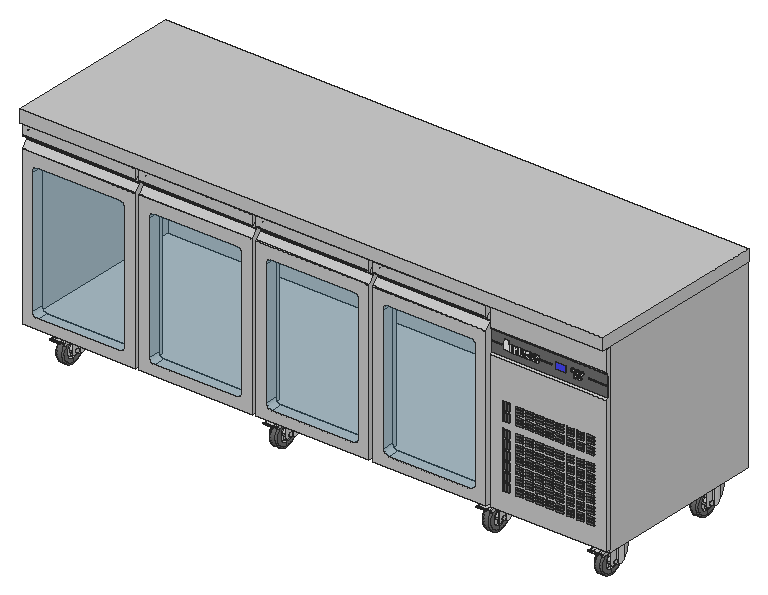
Revit family "QF_INOMAK_PNRP9999_GL_250515024600", category Specialty Equipment, Revit 2021
Family settings
  Round Connector Dimension = Use Diameter
  Part Type = Normal
  OmniClass Number = 23.40.40.14
  OmniClass Title = Food Service Equipment
  Work Plane-Based = No
  Always vertical = Yes
  Cut with Voids When Loaded = No
  Shared = No
  Room Calculation Point = No
Parameters (values of type "PNRP9999-GL")
  Weight [instance] = 179.001 kg
  Waste Water Discharge Temperature [instance] = 0 °C
  Waste Remarks [instance] = ""
  Warranty Start Date [instance] = ""
  Warranty Duration [instance] = ""
  Volts [instance] = 230 V
  Volt Free Conn [instance] = no
  URL Recommended Spares List [instance] = ""
  URL Manufacturer [instance] = ""
  URL Cutsheet [instance] = ""
  URL Critical Spares List [instance] = ""
  URL = "www.inomak.com"
  Technical Documentation [instance] = ""
  Tag Number [instance] = ""
  Status [instance] = ""
  Start Up Current [instance] = 0 A
  Specification by User [instance] = ""
  Specification by Manufacturer [instance] = ""
  Sound Level [instance] = ""
  Show Logo [instance] = yes
  Show Clearances [instance] = yes
  Service Life Duration [instance] = ""
  Serial Number [instance] = ""
  Seismic Rating [instance] = ""
  SMACNA No [instance] = ""
  Revision Code [instance] = ""
  Revision [instance] = ""
  Production Year [instance] = ""
  Potential Equalisation [instance] = no
  Point Load [instance] = 0
  Plumbing Connection Type [instance] = ""
  Phase [instance] = 1
  Other Equipment Approvals [instance] = ""
  Operational Current [instance] = 0 A
  Number of Poles [instance] = 2
  No Load Power Draw [instance] = no
  NAFEM Spec ID Number [instance] = ""
  Model Warning [instance] = ""
  Model = "PNRP9999/GL"
  Min Ckt Ampacity [instance] = 0 A
  Max Overcurrent Protection [instance] = 10 A
  Masterspec [instance] = ""
  Manufacturer = "INOMAK"
  Main switch integrated [instance] = no
  Length Actual [instance] = 2242.058 mm
  Item Number [instance] = ""
  Installed By [instance] = ""
  Installation Date [instance] = ""
  Indirect Waste Size [instance] = 25.4 mm
  Indirect Waste Remarks [instance] = ""
  Indirect Waste Flow [instance] = 0.0 L/s
  Indirect Waste Connection Type [instance] = ""
  Indirect Waste Connection Height [instance] = 0 mm
  Identify Quantity as Lot [instance] = no
  ID [instance] = ""
  Hygiene Approval [instance] = ""
  Height Actual [instance] = 899.922 mm
  HP power [instance] = ""
  Furnished By [instance] = ""
  Foodservice Equipment Identifier [instance] = no
  FL Amps [instance] = 3.9 A
  Electrical Remarks [instance] = ""
  Electric power [instance] = 480 W
  Electric Connection Type [instance] = ""
  Elec Conn RI Height [instance] = 0 mm
  Elec Conn Connection Height [instance] = 0 mm
  ETL Approved [instance] = no
  Direct Waste Water Discharge Temperature [instance] = -273.15 °C
  Direct Waste Size [instance] = 25.4 mm
  Direct Waste RI Height [instance] = 0 mm
  Direct Waste Flow [instance] = 0.0 L/s
  Direct Waste Connection Height [instance] = 0 mm
  Description = "PRUNUS CHILLER COUNTER WITH 4 GN 1/1 GLASS DOORS"
  Depth Actual [instance] = 700.024 mm
  Default Elevation = 0 mm
  Cycle [instance] = 50 Hz
  Cost = 0
  Connection to energy optimisation system [instance] = yes
  Conn Plug [instance] = ""
  Conn Conduit [instance] = no
  Centralized building control system with digital interface [instance] = ""
  CSI MasterFormat [instance] = ""
  CE Approved [instance] = no
  Barcode [instance] = 0
  Author [instance] = ""
  Asset Identifier [instance] = ""
  Apparent Power [instance] = 480 VA
  Accessory [instance] = no
Reference planes
  plane 1 "Center (Front/Back)": y = 0
  plane 2: z = 0
  plane 3 "Center (Left/Right)": x = 0
Forms (mm)
  Extrusion 1, solid, not visible
    sketch origin (2035.099, -260.013, 132.006) x (1, 0, 0) y (0, 1, 0)
      loop
        line (-2, 2) -> (-2, -2) -> (2, -2) -> (2, 2) -> (-2, 2)
    from -2 to 2
  Extrusion 2, solid, not visible
    sketch origin (1830.089, -115.006, 132.006) x (1, 0, 0) y (0, 1, 0)
      loop
        line (-2, 2) -> (-2, -2) -> (2, -2) -> (2, 2) -> (-2, 2)
    from -2 to 2
Dimensions and locks
  locked: nested 2 to Extrusion 1 at 2  (x2)
  locked: nested 3 to Extrusion 2 at 2  (x2)
  aligned and locked: level to plane 2
Nested families
  nested 1: "QF_INOMAK_PNRP9999-GL_2920" at (0, 0, 130), type "PNRP9999-GL"
    with Weight 179.001 kg, Warranty Start Date "", Warranty Duration "", URL Cutsheet "", Technical Documentation "", Tag Number "", Status "", Specification by User "", Specification by Manufacturer "", Sound Level "", Solid Fuel Type "", Show Clearances yes, Show Clearance yes, Service Life Duration "", Serial Number "", Seismic Rating "", SMACNA No "", Revision Code "", Revision "", Production Year "", Point Load 0, Other Equipment Approvals "", NAFEM Spec ID Number "", Model Warning "", Masterspec "", Length Actual 2242.058 mm, Item Number "", Installed By "", Installation Date "", Identify Quantity as Lot yes, ID "", Hygiene Approval "", Height Actual 899.922 mm, Furnished By "", Foodservice Equipment Identifier yes, Finish none, ETL Approved yes, Depth Actual 700.024 mm, CSI MasterFormat "", CE Approved yes, Barcode "", Author "", Asset Identifier "", Accessory no
  nested 2: "CONN_POINT_DRAIN_2D___Generic_Annotation" at (2035.099, -260.013, 130.006), type "CONN_POINT_DRAIN_2D___Generic_Annotation"
    with Onboard connection annotation symbol visibility yes
  nested 3: "CONN_POINT_ELE_2D___Generic_Annotation" at (1830.089, -115.006, 130.006), type "CONN_POINT_ELE_2D___Generic_Annotation"
    with Onboard connection annotation symbol visibility yes
  nested 4: "QF_INOMAK_REF_COUNTERS_CASTORS_7278" at (0, 0, 0), type "CT-2240-700"
    with Weight 0.00 kg, Warranty Start Date "", Warranty Duration "", URL Cutsheet "", Technical Documentation "", Tag Number "", Status "", Specification by User "", Specification by Manufacturer "", Sound Level "", Solid Fuel Type "", Show Logo yes, Show Clearances yes, Service Life Duration "", Serial Number "", Seismic Rating "", SMACNA No "", Revision Code "", Revision "", Production Year "", Point Load 0, Other Equipment Approvals "", NAFEM Spec ID Number "", Model Warning "", Masterspec "", Length Actual 2242.058 mm, Item Number "", Installed By "", Installation Date "", Identify Quantity as Lot yes, ID "", Hygiene Approval "", Height Actual 130.048 mm, Furnished By "", Foodservice Equipment Identifier yes, ETL Approved yes, Depth Actual 700.024 mm, CSI MasterFormat "", CE Approved yes, Barcode "", Author "", Asset Identifier "", Accessory yes
  nested 5: "QF_INOMAK_REF_COUNTERS_WORKTOPS_14663" at (0, 0, 840), type "WTWT-2240-700"
    with Worktop without backsplash yes, Worktop with backsplash no, Worktop type 3, Worktop thickness 46 mm, Without worktop no, Weight 0.00 kg, Warranty Start Date "", Warranty Duration "", URL Cutsheet "", Technical Documentation "", Tag Number "", Status "", Specification by User "", Specification by Manufacturer "", Sound Level "", Solid Fuel Type "", Show Logo yes, Show Clearances yes, Service Life Duration "", Serial Number "", Seismic Rating "", SMACNA No "", Revision Code "", Revision "", Production Year "", Point Load 0, Other Equipment Approvals "", NAFEM Spec ID Number "", Model Warning "", Masterspec "", Length Actual 2242.058 mm, Item Number "", Installed By "", Installation Date "", Identify Quantity as Lot yes, ID "", Hygiene Approval "", Height Actual 45.974 mm, Height AFF 0 mm, Furnished By "", Foodservice Equipment Identifier yes, Finish none, ETL Approved yes, Depth Actual 700.024 mm, CSI MasterFormat "", CE Approved yes, Barcode "", Backsplash thickness 20 mm, Backsplash height 60 mm, Author "", Asset Identifier "", Accessory yes
Connectors
  piping at (2035.099, -260.013, 130.006), diameter 25.4, driven by "Indirect Waste Size", driven by "Direct Waste Flow"
    settings: on Extrusion 1, index 1, connector inside diameter 609.6 mm, connector length 0 mm, flow factor 0, pipe flow 0.0 L/s, pressure drop 0.0 Pa, fitting loss kfactor 0, connector angle 0.00°, fixture units 0, engagement length 0 mm, angle of deflection 0.00°, flow configuration 1, flow direction 2, fitting loss method 0, system type 16, joint type 0, gender type 0, connector reference index -1, connector utility 0, adjustable connector no, is connector primary yes, connector description "Waste connection for PNRP9999/GL"
  electrical at (1830.089, -115.006, 130.006), driven by "Apparent Power", driven by "Number of Poles", driven by "Volts"
    settings: on Extrusion 2, index 2, voltage 230 V, apparent load 0 VA, apparent load phase1 480 VA, apparent load phase2 0 VA, apparent load phase3 0 VA, power factor 1, load classification "Other", number of poles 2, system type 31, power factor state 1, is connector primary yes, connector utility no, sub classification motor no, connector description "Electrical connection for PNRP9999/GL"
Definition of nested family "QF_INOMAK_PNRP9999-GL_2920"
  Parameters (values of type "PNRP9999-GL")
    Weight [instance] = 0.00 kg
    Warranty Start Date [instance] = ""
    Warranty Duration [instance] = ""
    URL Cutsheet [instance] = ""
    URL = "www.inomak.com"
    Technical Documentation [instance] = ""
    Tag Number [instance] = ""
    Status [instance] = ""
    Specification by User [instance] = ""
    Specification by Manufacturer [instance] = ""
    Sound Level [instance] = ""
    Solid Fuel Type [instance] = ""
    Show Logo = yes
    Show Clearances [instance] = yes
    Show Clearance [instance] = yes
    Service Life Duration [instance] = ""
    Serial Number [instance] = ""
    Seismic Rating [instance] = ""
    SMACNA No [instance] = ""
    Revision Code [instance] = ""
    Revision [instance] = ""
    Production Year [instance] = ""
    Point Load [instance] = 0
    Other Equipment Approvals [instance] = ""
    NAFEM Spec ID Number [instance] = ""
    Model Warning [instance] = ""
    Model = "PNRP9999/GL"
    Masterspec [instance] = ""
    Manufacturer = "INOMAK"
    Length Actual [instance] = 0 mm
    Item Number [instance] = ""
    Installed By [instance] = ""
    Installation Date [instance] = ""
    Identify Quantity as Lot [instance] = yes
    ID [instance] = ""
    Hygiene Approval [instance] = ""
    Height Actual [instance] = 0 mm
    Furnished By [instance] = ""
    Foodservice Equipment Identifier [instance] = yes
    Finish [instance] = none
    ETL Approved [instance] = yes
    Description = "PRUNUS CHILLER COUNTER WITH 4 GN 1/1 GLASS DOORS"
    Depth Actual [instance] = 0 mm
    Default Elevation = 0 mm
    CSI MasterFormat [instance] = ""
    CE Approved [instance] = yes
    Barcode [instance] = ""
    Author [instance] = ""
    Asset Identifier [instance] = ""
    Assembly Code = "E1090320"
    Accessory [instance] = yes
  Reference planes
    plane 1 "Back": y = 0
    plane 2: z = 0
    plane 3 "Left": x = 0
    plane 4 "Right": x = 2242
    plane 5 "Front": y = -700
    plane 6 "Top": z = 710
  Forms (mm)
    Extrusion 1, solid, material <- "Finish"
      sketch origin (0, 0, 0) x (1, 0, 0) y (0, 1, 0)
        loop
          line (0, -648) -> (30, -648) -> (30, -30) -> (1765, -30) -> (1765, -648) -> (1797, -648) -> (1797, -665) -> (2242, -665) -> (2242, 0) -> (0, 0) -> (0, -648)
      from 0 to 710
    Extrusion 2, solid, material <- "Finish"
      sketch origin (0, 0, 0) x (1, 0, 0) y (0, 1, 0)
        loop
          line (30, -30) -> (30, -648) -> (1765, -648) -> (1765, -30) -> (30, -30)
      from 0 to 45
    Extrusion 3, solid, material <- "Finish"
      sketch origin (0, 0, 710) x (0, 1, 0) y (-1, 0, 0)
        loop
          line (-30, -30) -> (-648, -30) -> (-648, -1765) -> (-30, -1765) -> (-30, -30)
      from 0 to -30
    Extrusion 4, solid, material <- "Finish"
      sketch origin (2242, 0, 0) x (0, -1, 0) y (0, 0, 1)
        loop
          line (683.05, 705) -> (665, 705) -> (665, 10) -> (683.05, 10) -> (683.05, 532.058) -> (676.05, 539.058) -> (676.05, 618.864) -> (683.05, 625.864) -> (683.05, 705)
      from 0 to 445
    Extrusion 5, solid
      sketch origin (897, -700, 0) x (-1, 0, 0) y (0, 0, 1)
        loop
          circle (-1211.654, 586.73) r 6.965
        loop
          circle (-1228.685, 586.73) r 6.965
        loop
          circle (-1245.694, 586.73) r 6.965
        loop
          circle (-1220.18, 568.729) r 6.965
        loop
          circle (-1237.189, 568.729) r 6.965
        loop
          circle (-1211.654, 586.73) r 3.965
        loop
          circle (-1228.685, 586.73) r 3.965
        loop
          circle (-1245.694, 586.73) r 3.965
        loop
          circle (-1220.18, 568.729) r 3.965
        loop
          circle (-1237.189, 568.729) r 3.965
      from 23 to 25.5
    Extrusion 6, solid
      sketch origin (897, -700, 0) x (-1, 0, 0) y (0, 0, 1)
        loop
          line (-1183.865, 590.461) -> (-1183.865, 567.461) -> (-1143.865, 567.461) -> (-1143.865, 590.461) -> (-1183.865, 590.461)
      from 23 to 25.5
    Extrusion 7, solid
      sketch origin (897, -700, 0) x (-1, 0, 0) y (0, 0, 1)
        loop
          line (-900, 618.864) -> (-1345, 618.864) -> (-1345, 539.058) -> (-900, 539.058) -> (-900, 618.864)
      from 23.5 to 25.5
    Extrusion 8, solid, visible <- "Show Logo"
      sketch origin (897, -700, 0) x (-1, 0, 0) y (0, 0, 1)
        loop
          line (-944.061, 591.01) -> (-950.061, 591.01) -> (-950.061, 602.118) -> (-964.298, 602.118) -> (-964.298, 591.01) -> (-970.298, 591.01) -> (-970.298, 564.76) -> (-944.061, 564.76) -> (-944.061, 591.01)
        loop
          line (-974.613, 590.698) -> (-981.903, 590.698) -> (-981.903, 564.76) -> (-974.613, 564.76) -> (-974.613, 590.698)
        loop
          line (-984.422, 564.76) -> (-984.422, 590.698) -> (-991.256, 590.698) -> (-994.449, 578.78) -> (-994.449, 590.698) -> (-1000.982, 590.698) -> (-1000.982, 564.76) -> (-994.449, 564.76) -> (-990.735, 578.623) -> (-990.735, 564.76) -> (-984.422, 564.76)
        loop
          line (-1021.664, 564.76) -> (-1021.664, 590.698) -> (-1030.626, 590.698) -> (-1032.988, 576.688) -> (-1035.35, 590.698) -> (-1044.312, 590.698) -> (-1044.312, 564.76) -> (-1037.687, 564.76) -> (-1037.687, 578.623) -> (-1035.35, 564.76) -> (-1030.626, 564.76) -> (-1028.289, 578.623) -> (-1028.289, 564.76) -> (-1021.664, 564.76)
        loop
          line (-1006.851, 590.698) -> (-1016.176, 590.698)
          arc (-1016.176, 590.698) -> (-1018.773, 589.622) -> (-1019.849, 587.026) r 3.672
          line (-1019.849, 587.026) -> (-1019.849, 568.433)
          arc (-1019.849, 568.433) -> (-1018.773, 565.836) -> (-1016.176, 564.76) r 3.672
          line (-1016.176, 564.76) -> (-1006.851, 564.76)
          arc (-1006.851, 564.76) -> (-1004.255, 565.836) -> (-1003.179, 568.433) r 3.672
          line (-1003.179, 568.433) -> (-1003.179, 587.026)
          arc (-1003.179, 587.026) -> (-1004.255, 589.622) -> (-1006.851, 590.698) r 3.672
        loop
          arc (-1010.487, 587.542) -> (-1011.514, 588.569) -> (-1012.541, 587.542) r 1.027
          line (-1012.541, 587.542) -> (-1012.541, 568.949)
          arc (-1012.541, 568.949) -> (-1011.514, 567.922) -> (-1010.487, 568.949) r 1.027
          line (-1010.487, 568.949) -> (-1010.487, 587.542)
        loop
          line (-1045.382, 564.76) -> (-1049.755, 590.698) -> (-1058.615, 590.698) -> (-1062.988, 564.76) -> (-1056.461, 564.76) -> (-1055.852, 569.723) -> (-1052.518, 569.723) -> (-1051.909, 564.76) -> (-1045.382, 564.76)
        loop
          line (-1053.074, 574.252) -> (-1054.185, 583.299) -> (-1055.296, 574.252) -> (-1053.074, 574.252)
        loop
          line (-1063.954, 564.76) -> (-1063.954, 590.698) -> (-1070.579, 590.698) -> (-1070.579, 581.585) -> (-1073.365, 590.698) -> (-1080.803, 590.698) -> (-1076.474, 579.422) -> (-1081.522, 564.76) -> (-1073.939, 564.76) -> (-1070.579, 577.3) -> (-1070.579, 564.76) -> (-1063.954, 564.76)
      from 23 to 25.5
    Extrusion 9, solid
      sketch origin (897, -700, 0) x (-1, 0, 0) y (0, 0, 1)
        loop
          line (-900, 580.961) -> (-936.995, 580.961) -> (-936.995, 576.961) -> (-900, 576.961) -> (-900, 580.961)
        loop
          line (-1085, 580.961) -> (-1129.365, 580.961) -> (-1129.365, 576.961) -> (-1085, 576.961) -> (-1085, 580.961)
        loop
          line (-1345, 580.961) -> (-1345, 576.961) -> (-1271.755, 576.961) -> (-1271.755, 580.961) -> (-1345, 580.961)
      from 23 to 25.5
    Extrusion 10, solid, material <- "Finish"
      sketch origin (0, 0, -150) x (0, -1, 0) y (0, 0, 1)
        loop
          line (690, 759.847) -> (690, 764.365)
          arc (690, 764.365) -> (689.866, 765.037) -> (689.485, 765.607) r 1.757
          line (689.485, 765.607) -> (666.663, 788.429)
          arc (666.663, 788.429) -> (665.976, 789.458) -> (665.734, 790.672) r 3.172
          line (665.734, 790.672) -> (665.734, 817.576)
          arc (665.734, 817.576) -> (666.433, 819.262) -> (668.119, 819.961) r 2.385
          line (668.119, 819.961) -> (680.029, 819.961) -> (686.544, 810.657)
          arc (686.544, 810.657) -> (688.671, 809.935) -> (690, 811.747) r 1.9
          line (690, 811.747) -> (690, 850) -> (648, 850) -> (648, 759.847) -> (690, 759.847)
      from 0 to -435
    Extrusion 11, solid, detail levels coarse
      sketch origin (0, -700, 10) x (-1, 0, 0) y (0, 1, 0)
        loop
          arc (-435, 10) -> (-307.591, -297.591) -> (0, -425) r 435
          line (0, -425) -> (0, 10) -> (-435, 10)
      from 0 to -690
    Extrusion 12, solid, material <- "Finish"
      sketch origin (0, -700, 0) x (-1, 0, 0) y (0, 0, 1)
        loop
          line (0, 609.847) -> (-435, 609.847) -> (-435, 10) -> (0, 10) -> (0, 609.847)
        loop
          line (-40, 70) -> (-40, 549.847)
          arc (-40, 549.847) -> (-45.858, 563.989) -> (-60, 569.847) r 20
          line (-60, 569.847) -> (-375, 569.847)
          arc (-375, 569.847) -> (-389.142, 563.989) -> (-395, 549.847) r 20
          line (-395, 549.847) -> (-395, 70)
          arc (-395, 70) -> (-389.142, 55.858) -> (-375, 50) r 20
          line (-375, 50) -> (-60, 50)
          arc (-60, 50) -> (-45.858, 55.858) -> (-40, 70) r 20
      from 10 to 52
    Extrusion 13, solid
      sketch origin (0, -700, 0) x (-1, 0, 0) y (0, 0, 1)
        loop
          line (-60, 569.847) -> (-375, 569.847)
          arc (-375, 569.847) -> (-389.142, 563.989) -> (-395, 549.847) r 20
          line (-395, 549.847) -> (-395, 70)
          arc (-395, 70) -> (-389.142, 55.858) -> (-375, 50) r 20
          line (-375, 50) -> (-60, 50)
          arc (-60, 50) -> (-45.858, 55.858) -> (-40, 70) r 20
          line (-40, 70) -> (-40, 549.847)
          arc (-40, 549.847) -> (-45.858, 563.989) -> (-60, 569.847) r 20
      from 10 to 52
    Extrusion 14, solid, material <- "Finish"
      sketch origin (885, 0, -150) x (0, -1, 0) y (0, 0, -1)
        loop
          line (690, -759.847) -> (648, -759.847) -> (648, -850) -> (690, -850) -> (690, -811.747)
          arc (690, -811.747) -> (688.671, -809.935) -> (686.544, -810.657) r 1.9
          line (686.544, -810.657) -> (680.029, -819.961) -> (668.119, -819.961)
          arc (668.119, -819.961) -> (666.433, -819.262) -> (665.734, -817.576) r 2.385
          line (665.734, -817.576) -> (665.734, -790.672)
          arc (665.734, -790.672) -> (665.976, -789.458) -> (666.663, -788.429) r 3.172
          line (666.663, -788.429) -> (689.485, -765.607)
          arc (689.485, -765.607) -> (689.866, -765.037) -> (690, -764.365) r 1.757
          line (690, -764.365) -> (690, -759.847)
      from 0 to -435
    Extrusion 15, solid, detail levels coarse
      sketch origin (885, -700, 10) x (-1, 0, 0) y (0, 1, 0)
        loop
          line (435, 10) -> (0, 10) -> (0, -425)
          arc (0, -425) -> (307.591, -297.591) -> (435, 10) r 435
      from 0 to -690
    Extrusion 16, solid, material <- "Finish"
      sketch origin (885, -700, 0) x (1, 0, 0) y (0, 0, -1)
        loop
          line (0, -609.847) -> (0, -10) -> (-435, -10) -> (-435, -609.847) -> (0, -609.847)
        loop
          arc (-40, -70) -> (-45.858, -55.858) -> (-60, -50) r 20
          line (-60, -50) -> (-375, -50)
          arc (-375, -50) -> (-389.142, -55.858) -> (-395, -70) r 20
          line (-395, -70) -> (-395, -549.847)
          arc (-395, -549.847) -> (-389.142, -563.989) -> (-375, -569.847) r 20
          line (-375, -569.847) -> (-60, -569.847)
          arc (-60, -569.847) -> (-45.858, -563.989) -> (-40, -549.847) r 20
          line (-40, -549.847) -> (-40, -70)
      from 10 to 52
    Extrusion 17, solid
      sketch origin (885, -700, 0) x (1, 0, 0) y (0, 0, -1)
        loop
          arc (-60, -569.847) -> (-45.858, -563.989) -> (-40, -549.847) r 20
          line (-40, -549.847) -> (-40, -70)
          arc (-40, -70) -> (-45.858, -55.858) -> (-60, -50) r 20
          line (-60, -50) -> (-375, -50)
          arc (-375, -50) -> (-389.142, -55.858) -> (-395, -70) r 20
          line (-395, -70) -> (-395, -549.847)
          arc (-395, -549.847) -> (-389.142, -563.989) -> (-375, -569.847) r 20
          line (-375, -569.847) -> (-60, -569.847)
      from 10 to 52
    Extrusion 18, solid, material <- "Finish"
      sketch origin (0, 0, 0) x (1, 0, 0) y (0, 1, 0)
        loop
          line (480, -648) -> (480, -618) -> (405, -618) -> (405, -648) -> (480, -648)
      from 45 to 680
    Extrusion 19, solid, material <- "Finish"
      sketch origin (1335, 0, -150) x (0, -1, 0) y (0, 0, -1)
        loop
          line (690, -759.847) -> (648, -759.847) -> (648, -850) -> (690, -850) -> (690, -811.747)
          arc (690, -811.747) -> (688.671, -809.935) -> (686.544, -810.657) r 1.9
          line (686.544, -810.657) -> (680.029, -819.961) -> (668.119, -819.961)
          arc (668.119, -819.961) -> (666.433, -819.262) -> (665.734, -817.576) r 2.385
          line (665.734, -817.576) -> (665.734, -790.672)
          arc (665.734, -790.672) -> (665.976, -789.458) -> (666.663, -788.429) r 3.172
          line (666.663, -788.429) -> (689.485, -765.607)
          arc (689.485, -765.607) -> (689.866, -765.037) -> (690, -764.365) r 1.757
          line (690, -764.365) -> (690, -759.847)
      from 0 to -435
    Extrusion 20, solid, material <- "Finish"
      sketch origin (1335, -700, 0) x (1, 0, 0) y (0, 0, -1)
        loop
          line (0, -609.847) -> (0, -10) -> (-435, -10) -> (-435, -609.847) -> (0, -609.847)
        loop
          arc (-40, -70) -> (-45.858, -55.858) -> (-60, -50) r 20
          line (-60, -50) -> (-375, -50)
          arc (-375, -50) -> (-389.142, -55.858) -> (-395, -70) r 20
          line (-395, -70) -> (-395, -549.847)
          arc (-395, -549.847) -> (-389.142, -563.989) -> (-375, -569.847) r 20
          line (-375, -569.847) -> (-60, -569.847)
          arc (-60, -569.847) -> (-45.858, -563.989) -> (-40, -549.847) r 20
          line (-40, -549.847) -> (-40, -70)
      from 10 to 52
    Extrusion 21, solid
      sketch origin (1335, -700, 0) x (1, 0, 0) y (0, 0, -1)
        loop
          arc (-60, -569.847) -> (-45.858, -563.989) -> (-40, -549.847) r 20
          line (-40, -549.847) -> (-40, -70)
          arc (-40, -70) -> (-45.858, -55.858) -> (-60, -50) r 20
          line (-60, -50) -> (-375, -50)
          arc (-375, -50) -> (-389.142, -55.858) -> (-395, -70) r 20
          line (-395, -70) -> (-395, -549.847)
          arc (-395, -549.847) -> (-389.142, -563.989) -> (-375, -569.847) r 20
          line (-375, -569.847) -> (-60, -569.847)
      from 10 to 52
    Extrusion 22, solid, material <- "Finish"
      sketch origin (450, 0, 0) x (1, 0, 0) y (0, 1, 0)
        loop
          line (480, -648) -> (480, -618) -> (405, -618) -> (405, -648) -> (480, -648)
      from 45 to 680
    Extrusion 23, solid, detail levels coarse
      sketch origin (900, -700, 10) x (-1, 0, 0) y (0, 1, 0)
        loop
          arc (-435, 10) -> (-307.591, -297.591) -> (0, -425) r 435
          line (0, -425) -> (0, 10) -> (-435, 10)
      from 0 to -690
    Extrusion 24, solid, material <- "Finish"
      sketch origin (1785, 0, -150) x (0, -1, 0) y (0, 0, -1)
        loop
          line (690, -759.847) -> (648, -759.847) -> (648, -850) -> (690, -850) -> (690, -811.747)
          arc (690, -811.747) -> (688.671, -809.935) -> (686.544, -810.657) r 1.9
          line (686.544, -810.657) -> (680.029, -819.961) -> (668.119, -819.961)
          arc (668.119, -819.961) -> (666.433, -819.262) -> (665.734, -817.576) r 2.385
          line (665.734, -817.576) -> (665.734, -790.672)
          arc (665.734, -790.672) -> (665.976, -789.458) -> (666.663, -788.429) r 3.172
          line (666.663, -788.429) -> (689.485, -765.607)
          arc (689.485, -765.607) -> (689.866, -765.037) -> (690, -764.365) r 1.757
          line (690, -764.365) -> (690, -759.847)
      from 0 to -435
    Extrusion 25, solid, detail levels coarse
      sketch origin (1785, -700, 10) x (-1, 0, 0) y (0, 1, 0)
        loop
          line (435, 10) -> (0, 10) -> (0, -425)
          arc (0, -425) -> (307.591, -297.591) -> (435, 10) r 435
      from 0 to -690
    Extrusion 26, solid, material <- "Finish"
      sketch origin (1785, -700, 0) x (1, 0, 0) y (0, 0, -1)
        loop
          line (0, -609.847) -> (0, -10) -> (-435, -10) -> (-435, -609.847) -> (0, -609.847)
        loop
          arc (-40, -70) -> (-45.858, -55.858) -> (-60, -50) r 20
          line (-60, -50) -> (-375, -50)
          arc (-375, -50) -> (-389.142, -55.858) -> (-395, -70) r 20
          line (-395, -70) -> (-395, -549.847)
          arc (-395, -549.847) -> (-389.142, -563.989) -> (-375, -569.847) r 20
          line (-375, -569.847) -> (-60, -569.847)
          arc (-60, -569.847) -> (-45.858, -563.989) -> (-40, -549.847) r 20
          line (-40, -549.847) -> (-40, -70)
      from 10 to 52
    Extrusion 27, solid
      sketch origin (1785, -700, 0) x (1, 0, 0) y (0, 0, -1)
        loop
          arc (-60, -569.847) -> (-45.858, -563.989) -> (-40, -549.847) r 20
          line (-40, -549.847) -> (-40, -70)
          arc (-40, -70) -> (-45.858, -55.858) -> (-60, -50) r 20
          line (-60, -50) -> (-375, -50)
          arc (-375, -50) -> (-389.142, -55.858) -> (-395, -70) r 20
          line (-395, -70) -> (-395, -549.847)
          arc (-395, -549.847) -> (-389.142, -563.989) -> (-375, -569.847) r 20
          line (-375, -569.847) -> (-60, -569.847)
      from 10 to 52
    Extrusion 28, solid, material <- "Finish"
      sketch origin (900, 0, 0) x (1, 0, 0) y (0, 1, 0)
        loop
          line (480, -648) -> (480, -618) -> (405, -618) -> (405, -648) -> (480, -648)
      from 45 to 680
  Cuts and joins
    joined: Extrusion 1, Extrusion 2, Extrusion 3
    joined: Extrusion 10, Extrusion 12
    joined: Extrusion 14, Extrusion 16
    joined: Extrusion 19, Extrusion 20
    joined: Extrusion 24, Extrusion 26
  Lines and regions (mm)
    symbolic lines, visible <- "Show Clearance"
      curve 1: line (0, 0, 0) -> (2242, 0, 0)
      curve 2: line (2242, 0, 0) -> (2242, -700, 0)
      curve 3: line (2242, -700, 0) -> (0, -700, 0)
      curve 4: line (0, -700, 0) -> (0, 0, 0)
    symbolic lines
      curve 5: line (0, -700, 150) -> (0, -1125, 150)
      curve 6: arc (0, -1125, 150) -> (304.035, -1001.107, 150) -> (434.885, -700, 150) r 435
      curve 7: line (885, -700, 150) -> (885, -1125, 150)
      curve 8: arc (885, -1125, 150) -> (580.965, -1001.107, 150) -> (450.115, -700, 150) r 435
      curve 9: line (900, -700, 150) -> (900, -1125, 150)
      curve 10: arc (900, -1125, 150) -> (1204.035, -1001.107, 150) -> (1334.885, -700, 150) r 435
      curve 11: line (1785, -700, 150) -> (1785, -1125, 150)
      curve 12: arc (1785, -1125, 150) -> (1480.965, -1001.107, 150) -> (1350.115, -700, 150) r 435
  Dimensions and locks
    plane 3 "Left" to plane 4 "Right" = 2242 mm
    plane 5 "Front" to plane 1 "Back" = 700 mm
    plane 6 "Top" to plane 2 = 710 mm
    aligned and locked: level to plane 2
    aligned and locked: plane 6 "Top" to Extrusion 1
    aligned and locked: nested 1 to plane 4 "Right"
    aligned and locked: plane 5 "Front" to nested 1
    aligned and locked: Extrusion 11 to curve 5
    aligned and locked: curve 7 to Extrusion 15
    aligned and locked: Extrusion 23 to curve 9
    aligned and locked: curve 11 to Extrusion 25
    aligned and locked: plane 5 "Front" to curve 3
  Nested families
    nested 1: "QF_INOMAK_CONRTOL-PANEL" at (2242, 0, 0), type "PNRP9999"
      with Show Clearance yes
  Definition of nested family "QF_INOMAK_CONRTOL-PANEL"
    Parameters (values of type "PNRP9999")
      URL = ""
      Show Logo = yes
      Show Clearance [instance] = yes
      Model = ""
      Manufacturer = ""
      Length = 0 mm
      Height = 710 mm
      Front offset = 80 mm
      Description = ""
      Depth = 700 mm
      Default Elevation = 0 mm
      Assembly Code = ""
    Reference planes
      plane 1 "Back": y = 0
      plane 2: z = 0
      plane 3 "Left": x = 0
      plane 4 "Right": x = 0
      plane 5 "Front": y = -700
      plane 6 "Top": z = 710
      plane 7 "Front offset": y = -620
    Forms (mm)
      Extrusion 1, solid
        sketch origin (-2240, -700, 0) x (-1, 0, 0) y (0, 0, 1)
          loop
            arc (-2191.4, 389.855) -> (-2194.4, 386.855) -> (-2191.4, 383.855) r 3
            line (-2191.4, 383.855) -> (-2167.4, 383.855)
            arc (-2167.4, 383.855) -> (-2164.4, 386.855) -> (-2167.4, 389.855) r 3
            line (-2167.4, 389.855) -> (-2191.4, 389.855)
          loop
            arc (-2152.4, 389.855) -> (-2155.4, 386.855) -> (-2152.4, 383.855) r 3
            line (-2152.4, 383.855) -> (-2128.4, 383.855)
            arc (-2128.4, 383.855) -> (-2125.4, 386.855) -> (-2128.4, 389.855) r 3
            line (-2128.4, 389.855) -> (-2152.4, 389.855)
          loop
            arc (-2113.4, 389.855) -> (-2116.4, 386.855) -> (-2113.4, 383.855) r 3
            line (-2113.4, 383.855) -> (-2089.4, 383.855)
            arc (-2089.4, 383.855) -> (-2086.4, 386.855) -> (-2089.4, 389.855) r 3
            line (-2089.4, 389.855) -> (-2113.4, 389.855)
          loop
            arc (-2074.4, 389.855) -> (-2077.4, 386.855) -> (-2074.4, 383.855) r 3
            line (-2074.4, 383.855) -> (-2050.4, 383.855)
            arc (-2050.4, 383.855) -> (-2047.4, 386.855) -> (-2050.4, 389.855) r 3
            line (-2050.4, 389.855) -> (-2074.4, 389.855)
          loop
            arc (-2035.4, 389.855) -> (-2038.4, 386.855) -> (-2035.4, 383.855) r 3
            line (-2035.4, 383.855) -> (-2011.4, 383.855)
            arc (-2011.4, 383.855) -> (-2008.4, 386.855) -> (-2011.4, 389.855) r 3
            line (-2011.4, 389.855) -> (-2035.4, 389.855)
          loop
            arc (-1996.4, 389.855) -> (-1999.4, 386.855) -> (-1996.4, 383.855) r 3
            line (-1996.4, 383.855) -> (-1972.4, 383.855)
            arc (-1972.4, 383.855) -> (-1969.4, 386.855) -> (-1972.4, 389.855) r 3
            line (-1972.4, 389.855) -> (-1996.4, 389.855)
          loop
            arc (-1957.4, 389.855) -> (-1960.4, 386.855) -> (-1957.4, 383.855) r 3
            line (-1957.4, 383.855) -> (-1933.4, 383.855)
            arc (-1933.4, 383.855) -> (-1930.4, 386.855) -> (-1933.4, 389.855) r 3
            line (-1933.4, 389.855) -> (-1957.4, 389.855)
          loop
            arc (-1918.4, 389.855) -> (-1921.4, 386.855) -> (-1918.4, 383.855) r 3
            line (-1918.4, 383.855) -> (-1894.4, 383.855)
            arc (-1894.4, 383.855) -> (-1891.4, 386.855) -> (-1894.4, 389.855) r 3
            line (-1894.4, 389.855) -> (-1918.4, 389.855)
          loop
            arc (-2191.4, 378.855) -> (-2194.4, 375.855) -> (-2191.4, 372.855) r 3
            line (-2191.4, 372.855) -> (-2167.4, 372.855)
            arc (-2167.4, 372.855) -> (-2164.4, 375.855) -> (-2167.4, 378.855) r 3
            line (-2167.4, 378.855) -> (-2191.4, 378.855)
          loop
            arc (-2152.4, 378.855) -> (-2155.4, 375.855) -> (-2152.4, 372.855) r 3
            line (-2152.4, 372.855) -> (-2128.4, 372.855)
            arc (-2128.4, 372.855) -> (-2125.4, 375.855) -> (-2128.4, 378.855) r 3
            line (-2128.4, 378.855) -> (-2152.4, 378.855)
          loop
            arc (-2113.4, 378.855) -> (-2116.4, 375.855) -> (-2113.4, 372.855) r 3
            line (-2113.4, 372.855) -> (-2089.4, 372.855)
            arc (-2089.4, 372.855) -> (-2086.4, 375.855) -> (-2089.4, 378.855) r 3
            line (-2089.4, 378.855) -> (-2113.4, 378.855)
          loop
            arc (-2074.4, 378.855) -> (-2077.4, 375.855) -> (-2074.4, 372.855) r 3
            line (-2074.4, 372.855) -> (-2050.4, 372.855)
            arc (-2050.4, 372.855) -> (-2047.4, 375.855) -> (-2050.4, 378.855) r 3
            line (-2050.4, 378.855) -> (-2074.4, 378.855)
          loop
            arc (-2035.4, 378.855) -> (-2038.4, 375.855) -> (-2035.4, 372.855) r 3
            line (-2035.4, 372.855) -> (-2011.4, 372.855)
            arc (-2011.4, 372.855) -> (-2008.4, 375.855) -> (-2011.4, 378.855) r 3
            line (-2011.4, 378.855) -> (-2035.4, 378.855)
          loop
            arc (-1996.4, 378.855) -> (-1999.4, 375.855) -> (-1996.4, 372.855) r 3
            line (-1996.4, 372.855) -> (-1972.4, 372.855)
            arc (-1972.4, 372.855) -> (-1969.4, 375.855) -> (-1972.4, 378.855) r 3
            line (-1972.4, 378.855) -> (-1996.4, 378.855)
          loop
            arc (-1957.4, 378.855) -> (-1960.4, 375.855) -> (-1957.4, 372.855) r 3
            line (-1957.4, 372.855) -> (-1933.4, 372.855)
            arc (-1933.4, 372.855) -> (-1930.4, 375.855) -> (-1933.4, 378.855) r 3
            line (-1933.4, 378.855) -> (-1957.4, 378.855)
          loop
            arc (-1918.4, 378.855) -> (-1921.4, 375.855) -> (-1918.4, 372.855) r 3
            line (-1918.4, 372.855) -> (-1894.4, 372.855)
            arc (-1894.4, 372.855) -> (-1891.4, 375.855) -> (-1894.4, 378.855) r 3
            line (-1894.4, 378.855) -> (-1918.4, 378.855)
          loop
            arc (-2191.4, 367.855) -> (-2194.4, 364.855) -> (-2191.4, 361.855) r 3
            line (-2191.4, 361.855) -> (-2167.4, 361.855)
            arc (-2167.4, 361.855) -> (-2164.4, 364.855) -> (-2167.4, 367.855) r 3
            line (-2167.4, 367.855) -> (-2191.4, 367.855)
          loop
            arc (-2152.4, 367.855) -> (-2155.4, 364.855) -> (-2152.4, 361.855) r 3
            line (-2152.4, 361.855) -> (-2128.4, 361.855)
            arc (-2128.4, 361.855) -> (-2125.4, 364.855) -> (-2128.4, 367.855) r 3
            line (-2128.4, 367.855) -> (-2152.4, 367.855)
          loop
            arc (-2113.4, 367.855) -> (-2116.4, 364.855) -> (-2113.4, 361.855) r 3
            line (-2113.4, 361.855) -> (-2089.4, 361.855)
            arc (-2089.4, 361.855) -> (-2086.4, 364.855) -> (-2089.4, 367.855) r 3
            line (-2089.4, 367.855) -> (-2113.4, 367.855)
          loop
            arc (-2074.4, 367.855) -> (-2077.4, 364.855) -> (-2074.4, 361.855) r 3
            line (-2074.4, 361.855) -> (-2050.4, 361.855)
            arc (-2050.4, 361.855) -> (-2047.4, 364.855) -> (-2050.4, 367.855) r 3
            line (-2050.4, 367.855) -> (-2074.4, 367.855)
          loop
            arc (-2035.4, 367.855) -> (-2038.4, 364.855) -> (-2035.4, 361.855) r 3
            line (-2035.4, 361.855) -> (-2011.4, 361.855)
            arc (-2011.4, 361.855) -> (-2008.4, 364.855) -> (-2011.4, 367.855) r 3
            line (-2011.4, 367.855) -> (-2035.4, 367.855)
          loop
            arc (-1996.4, 367.855) -> (-1999.4, 364.855) -> (-1996.4, 361.855) r 3
            line (-1996.4, 361.855) -> (-1972.4, 361.855)
            arc (-1972.4, 361.855) -> (-1969.4, 364.855) -> (-1972.4, 367.855) r 3
            line (-1972.4, 367.855) -> (-1996.4, 367.855)
          loop
            arc (-1957.4, 367.855) -> (-1960.4, 364.855) -> (-1957.4, 361.855) r 3
            line (-1957.4, 361.855) -> (-1933.4, 361.855)
            arc (-1933.4, 361.855) -> (-1930.4, 364.855) -> (-1933.4, 367.855) r 3
            line (-1933.4, 367.855) -> (-1957.4, 367.855)
          loop
            arc (-1918.4, 367.855) -> (-1921.4, 364.855) -> (-1918.4, 361.855) r 3
            line (-1918.4, 361.855) -> (-1894.4, 361.855)
            arc (-1894.4, 361.855) -> (-1891.4, 364.855) -> (-1894.4, 367.855) r 3
            line (-1894.4, 367.855) -> (-1918.4, 367.855)
          loop
            arc (-2191.4, 352.855) -> (-2194.4, 349.855) -> (-2191.4, 346.855) r 3
            line (-2191.4, 346.855) -> (-2167.4, 346.855)
            arc (-2167.4, 346.855) -> (-2164.4, 349.855) -> (-2167.4, 352.855) r 3
            line (-2167.4, 352.855) -> (-2191.4, 352.855)
          loop
            arc (-2152.4, 352.855) -> (-2155.4, 349.855) -> (-2152.4, 346.855) r 3
            line (-2152.4, 346.855) -> (-2128.4, 346.855)
            arc (-2128.4, 346.855) -> (-2125.4, 349.855) -> (-2128.4, 352.855) r 3
            line (-2128.4, 352.855) -> (-2152.4, 352.855)
          loop
            arc (-2113.4, 352.855) -> (-2116.4, 349.855) -> (-2113.4, 346.855) r 3
            line (-2113.4, 346.855) -> (-2089.4, 346.855)
            arc (-2089.4, 346.855) -> (-2086.4, 349.855) -> (-2089.4, 352.855) r 3
            line (-2089.4, 352.855) -> (-2113.4, 352.855)
          loop
            arc (-2074.4, 352.855) -> (-2077.4, 349.855) -> (-2074.4, 346.855) r 3
            line (-2074.4, 346.855) -> (-2050.4, 346.855)
            arc (-2050.4, 346.855) -> (-2047.4, 349.855) -> (-2050.4, 352.855) r 3
            line (-2050.4, 352.855) -> (-2074.4, 352.855)
          loop
            arc (-2035.4, 352.855) -> (-2038.4, 349.855) -> (-2035.4, 346.855) r 3
            line (-2035.4, 346.855) -> (-2011.4, 346.855)
            arc (-2011.4, 346.855) -> (-2008.4, 349.855) -> (-2011.4, 352.855) r 3
            line (-2011.4, 352.855) -> (-2035.4, 352.855)
          loop
            arc (-1996.4, 352.855) -> (-1999.4, 349.855) -> (-1996.4, 346.855) r 3
            line (-1996.4, 346.855) -> (-1972.4, 346.855)
            arc (-1972.4, 346.855) -> (-1969.4, 349.855) -> (-1972.4, 352.855) r 3
            line (-1972.4, 352.855) -> (-1996.4, 352.855)
          loop
            arc (-1957.4, 352.855) -> (-1960.4, 349.855) -> (-1957.4, 346.855) r 3
            line (-1957.4, 346.855) -> (-1933.4, 346.855)
            arc (-1933.4, 346.855) -> (-1930.4, 349.855) -> (-1933.4, 352.855) r 3
            line (-1933.4, 352.855) -> (-1957.4, 352.855)
          loop
            arc (-1918.4, 352.855) -> (-1921.4, 349.855) -> (-1918.4, 346.855) r 3
            line (-1918.4, 346.855) -> (-1894.4, 346.855)
            arc (-1894.4, 346.855) -> (-1891.4, 349.855) -> (-1894.4, 352.855) r 3
            line (-1894.4, 352.855) -> (-1918.4, 352.855)
          loop
            arc (-2191.4, 341.855) -> (-2194.4, 338.855) -> (-2191.4, 335.855) r 3
            line (-2191.4, 335.855) -> (-2167.4, 335.855)
            arc (-2167.4, 335.855) -> (-2164.4, 338.855) -> (-2167.4, 341.855) r 3
            line (-2167.4, 341.855) -> (-2191.4, 341.855)
          loop
            arc (-2152.4, 341.855) -> (-2155.4, 338.855) -> (-2152.4, 335.855) r 3
            line (-2152.4, 335.855) -> (-2128.4, 335.855)
            arc (-2128.4, 335.855) -> (-2125.4, 338.855) -> (-2128.4, 341.855) r 3
            line (-2128.4, 341.855) -> (-2152.4, 341.855)
          loop
            arc (-2113.4, 341.855) -> (-2116.4, 338.855) -> (-2113.4, 335.855) r 3
            line (-2113.4, 335.855) -> (-2089.4, 335.855)
            arc (-2089.4, 335.855) -> (-2086.4, 338.855) -> (-2089.4, 341.855) r 3
            line (-2089.4, 341.855) -> (-2113.4, 341.855)
          loop
            arc (-2074.4, 341.855) -> (-2077.4, 338.855) -> (-2074.4, 335.855) r 3
            line (-2074.4, 335.855) -> (-2050.4, 335.855)
            arc (-2050.4, 335.855) -> (-2047.4, 338.855) -> (-2050.4, 341.855) r 3
            line (-2050.4, 341.855) -> (-2074.4, 341.855)
          loop
            arc (-2035.4, 341.855) -> (-2038.4, 338.855) -> (-2035.4, 335.855) r 3
            line (-2035.4, 335.855) -> (-2011.4, 335.855)
            arc (-2011.4, 335.855) -> (-2008.4, 338.855) -> (-2011.4, 341.855) r 3
            line (-2011.4, 341.855) -> (-2035.4, 341.855)
          loop
            arc (-1996.4, 341.855) -> (-1999.4, 338.855) -> (-1996.4, 335.855) r 3
            line (-1996.4, 335.855) -> (-1972.4, 335.855)
            arc (-1972.4, 335.855) -> (-1969.4, 338.855) -> (-1972.4, 341.855) r 3
            line (-1972.4, 341.855) -> (-1996.4, 341.855)
          loop
            arc (-1957.4, 341.855) -> (-1960.4, 338.855) -> (-1957.4, 335.855) r 3
            line (-1957.4, 335.855) -> (-1933.4, 335.855)
            arc (-1933.4, 335.855) -> (-1930.4, 338.855) -> (-1933.4, 341.855) r 3
            line (-1933.4, 341.855) -> (-1957.4, 341.855)
          loop
            arc (-1918.4, 341.855) -> (-1921.4, 338.855) -> (-1918.4, 335.855) r 3
            line (-1918.4, 335.855) -> (-1894.4, 335.855)
            arc (-1894.4, 335.855) -> (-1891.4, 338.855) -> (-1894.4, 341.855) r 3
            line (-1894.4, 341.855) -> (-1918.4, 341.855)
          loop
            arc (-2191.4, 330.855) -> (-2194.4, 327.855) -> (-2191.4, 324.855) r 3
            line (-2191.4, 324.855) -> (-2167.4, 324.855)
            arc (-2167.4, 324.855) -> (-2164.4, 327.855) -> (-2167.4, 330.855) r 3
            line (-2167.4, 330.855) -> (-2191.4, 330.855)
          loop
            arc (-2152.4, 330.855) -> (-2155.4, 327.855) -> (-2152.4, 324.855) r 3
            line (-2152.4, 324.855) -> (-2128.4, 324.855)
            arc (-2128.4, 324.855) -> (-2125.4, 327.855) -> (-2128.4, 330.855) r 3
            line (-2128.4, 330.855) -> (-2152.4, 330.855)
          loop
            arc (-2113.4, 330.855) -> (-2116.4, 327.855) -> (-2113.4, 324.855) r 3
            line (-2113.4, 324.855) -> (-2089.4, 324.855)
            arc (-2089.4, 324.855) -> (-2086.4, 327.855) -> (-2089.4, 330.855) r 3
            line (-2089.4, 330.855) -> (-2113.4, 330.855)
          loop
            arc (-2074.4, 330.855) -> (-2077.4, 327.855) -> (-2074.4, 324.855) r 3
            line (-2074.4, 324.855) -> (-2050.4, 324.855)
            arc (-2050.4, 324.855) -> (-2047.4, 327.855) -> (-2050.4, 330.855) r 3
            line (-2050.4, 330.855) -> (-2074.4, 330.855)
          loop
            arc (-2035.4, 330.855) -> (-2038.4, 327.855) -> (-2035.4, 324.855) r 3
            line (-2035.4, 324.855) -> (-2011.4, 324.855)
            arc (-2011.4, 324.855) -> (-2008.4, 327.855) -> (-2011.4, 330.855) r 3
            line (-2011.4, 330.855) -> (-2035.4, 330.855)
          loop
            arc (-1996.4, 330.855) -> (-1999.4, 327.855) -> (-1996.4, 324.855) r 3
            line (-1996.4, 324.855) -> (-1972.4, 324.855)
            arc (-1972.4, 324.855) -> (-1969.4, 327.855) -> (-1972.4, 330.855) r 3
            line (-1972.4, 330.855) -> (-1996.4, 330.855)
          loop
            arc (-1957.4, 330.855) -> (-1960.4, 327.855) -> (-1957.4, 324.855) r 3
            line (-1957.4, 324.855) -> (-1933.4, 324.855)
            arc (-1933.4, 324.855) -> (-1930.4, 327.855) -> (-1933.4, 330.855) r 3
            line (-1933.4, 330.855) -> (-1957.4, 330.855)
          loop
            arc (-1918.4, 330.855) -> (-1921.4, 327.855) -> (-1918.4, 324.855) r 3
            line (-1918.4, 324.855) -> (-1894.4, 324.855)
            arc (-1894.4, 324.855) -> (-1891.4, 327.855) -> (-1894.4, 330.855) r 3
            line (-1894.4, 330.855) -> (-1918.4, 330.855)
          loop
            arc (-2191.4, 295.855) -> (-2194.4, 292.855) -> (-2191.4, 289.855) r 3
            line (-2191.4, 289.855) -> (-2167.4, 289.855)
            arc (-2167.4, 289.855) -> (-2164.4, 292.855) -> (-2167.4, 295.855) r 3
            line (-2167.4, 295.855) -> (-2191.4, 295.855)
          loop
            arc (-2152.4, 295.855) -> (-2155.4, 292.855) -> (-2152.4, 289.855) r 3
            line (-2152.4, 289.855) -> (-2128.4, 289.855)
            arc (-2128.4, 289.855) -> (-2125.4, 292.855) -> (-2128.4, 295.855) r 3
            line (-2128.4, 295.855) -> (-2152.4, 295.855)
          loop
            arc (-2113.4, 295.855) -> (-2116.4, 292.855) -> (-2113.4, 289.855) r 3
            line (-2113.4, 289.855) -> (-2089.4, 289.855)
            arc (-2089.4, 289.855) -> (-2086.4, 292.855) -> (-2089.4, 295.855) r 3
            line (-2089.4, 295.855) -> (-2113.4, 295.855)
          loop
            arc (-2074.4, 295.855) -> (-2077.4, 292.855) -> (-2074.4, 289.855) r 3
            line (-2074.4, 289.855) -> (-2050.4, 289.855)
            arc (-2050.4, 289.855) -> (-2047.4, 292.855) -> (-2050.4, 295.855) r 3
            line (-2050.4, 295.855) -> (-2074.4, 295.855)
          loop
            arc (-2035.4, 295.855) -> (-2038.4, 292.855) -> (-2035.4, 289.855) r 3
            line (-2035.4, 289.855) -> (-2011.4, 289.855)
            arc (-2011.4, 289.855) -> (-2008.4, 292.855) -> (-2011.4, 295.855) r 3
            line (-2011.4, 295.855) -> (-2035.4, 295.855)
          loop
            arc (-1996.4, 295.855) -> (-1999.4, 292.855) -> (-1996.4, 289.855) r 3
            line (-1996.4, 289.855) -> (-1972.4, 289.855)
            arc (-1972.4, 289.855) -> (-1969.4, 292.855) -> (-1972.4, 295.855) r 3
            line (-1972.4, 295.855) -> (-1996.4, 295.855)
          loop
            arc (-1957.4, 295.855) -> (-1960.4, 292.855) -> (-1957.4, 289.855) r 3
            line (-1957.4, 289.855) -> (-1933.4, 289.855)
            arc (-1933.4, 289.855) -> (-1930.4, 292.855) -> (-1933.4, 295.855) r 3
            line (-1933.4, 295.855) -> (-1957.4, 295.855)
          loop
            arc (-1918.4, 295.855) -> (-1921.4, 292.855) -> (-1918.4, 289.855) r 3
            line (-1918.4, 289.855) -> (-1894.4, 289.855)
            arc (-1894.4, 289.855) -> (-1891.4, 292.855) -> (-1894.4, 295.855) r 3
            line (-1894.4, 295.855) -> (-1918.4, 295.855)
          loop
            arc (-2191.4, 284.855) -> (-2194.4, 281.855) -> (-2191.4, 278.855) r 3
            line (-2191.4, 278.855) -> (-2167.4, 278.855)
            arc (-2167.4, 278.855) -> (-2164.4, 281.855) -> (-2167.4, 284.855) r 3
            line (-2167.4, 284.855) -> (-2191.4, 284.855)
          loop
            arc (-2152.4, 284.855) -> (-2155.4, 281.855) -> (-2152.4, 278.855) r 3
            line (-2152.4, 278.855) -> (-2128.4, 278.855)
            arc (-2128.4, 278.855) -> (-2125.4, 281.855) -> (-2128.4, 284.855) r 3
            line (-2128.4, 284.855) -> (-2152.4, 284.855)
          loop
            arc (-2113.4, 284.855) -> (-2116.4, 281.855) -> (-2113.4, 278.855) r 3
            line (-2113.4, 278.855) -> (-2089.4, 278.855)
            arc (-2089.4, 278.855) -> (-2086.4, 281.855) -> (-2089.4, 284.855) r 3
            line (-2089.4, 284.855) -> (-2113.4, 284.855)
          loop
            arc (-2074.4, 284.855) -> (-2077.4, 281.855) -> (-2074.4, 278.855) r 3
            line (-2074.4, 278.855) -> (-2050.4, 278.855)
            arc (-2050.4, 278.855) -> (-2047.4, 281.855) -> (-2050.4, 284.855) r 3
            line (-2050.4, 284.855) -> (-2074.4, 284.855)
          loop
            arc (-2035.4, 284.855) -> (-2038.4, 281.855) -> (-2035.4, 278.855) r 3
            line (-2035.4, 278.855) -> (-2011.4, 278.855)
            arc (-2011.4, 278.855) -> (-2008.4, 281.855) -> (-2011.4, 284.855) r 3
            line (-2011.4, 284.855) -> (-2035.4, 284.855)
          loop
            arc (-1996.4, 284.855) -> (-1999.4, 281.855) -> (-1996.4, 278.855) r 3
            line (-1996.4, 278.855) -> (-1972.4, 278.855)
            arc (-1972.4, 278.855) -> (-1969.4, 281.855) -> (-1972.4, 284.855) r 3
            line (-1972.4, 284.855) -> (-1996.4, 284.855)
          loop
            arc (-1957.4, 284.855) -> (-1960.4, 281.855) -> (-1957.4, 278.855) r 3
            line (-1957.4, 278.855) -> (-1933.4, 278.855)
            arc (-1933.4, 278.855) -> (-1930.4, 281.855) -> (-1933.4, 284.855) r 3
            line (-1933.4, 284.855) -> (-1957.4, 284.855)
          loop
            arc (-1918.4, 284.855) -> (-1921.4, 281.855) -> (-1918.4, 278.855) r 3
            line (-1918.4, 278.855) -> (-1894.4, 278.855)
            arc (-1894.4, 278.855) -> (-1891.4, 281.855) -> (-1894.4, 284.855) r 3
            line (-1894.4, 284.855) -> (-1918.4, 284.855)
          loop
            arc (-2191.4, 273.855) -> (-2194.4, 270.855) -> (-2191.4, 267.855) r 3
            line (-2191.4, 267.855) -> (-2167.4, 267.855)
            arc (-2167.4, 267.855) -> (-2164.4, 270.855) -> (-2167.4, 273.855) r 3
            line (-2167.4, 273.855) -> (-2191.4, 273.855)
          loop
            arc (-2152.4, 273.855) -> (-2155.4, 270.855) -> (-2152.4, 267.855) r 3
            line (-2152.4, 267.855) -> (-2128.4, 267.855)
            arc (-2128.4, 267.855) -> (-2125.4, 270.855) -> (-2128.4, 273.855) r 3
            line (-2128.4, 273.855) -> (-2152.4, 273.855)
          loop
            arc (-2113.4, 273.855) -> (-2116.4, 270.855) -> (-2113.4, 267.855) r 3
            line (-2113.4, 267.855) -> (-2089.4, 267.855)
            arc (-2089.4, 267.855) -> (-2086.4, 270.855) -> (-2089.4, 273.855) r 3
            line (-2089.4, 273.855) -> (-2113.4, 273.855)
          loop
            arc (-2074.4, 273.855) -> (-2077.4, 270.855) -> (-2074.4, 267.855) r 3
            line (-2074.4, 267.855) -> (-2050.4, 267.855)
            arc (-2050.4, 267.855) -> (-2047.4, 270.855) -> (-2050.4, 273.855) r 3
            line (-2050.4, 273.855) -> (-2074.4, 273.855)
          loop
            arc (-2035.4, 273.855) -> (-2038.4, 270.855) -> (-2035.4, 267.855) r 3
            line (-2035.4, 267.855) -> (-2011.4, 267.855)
            arc (-2011.4, 267.855) -> (-2008.4, 270.855) -> (-2011.4, 273.855) r 3
            line (-2011.4, 273.855) -> (-2035.4, 273.855)
          loop
            arc (-1996.4, 273.855) -> (-1999.4, 270.855) -> (-1996.4, 267.855) r 3
            line (-1996.4, 267.855) -> (-1972.4, 267.855)
            arc (-1972.4, 267.855) -> (-1969.4, 270.855) -> (-1972.4, 273.855) r 3
            line (-1972.4, 273.855) -> (-1996.4, 273.855)
          loop
            arc (-1957.4, 273.855) -> (-1960.4, 270.855) -> (-1957.4, 267.855) r 3
            line (-1957.4, 267.855) -> (-1933.4, 267.855)
            arc (-1933.4, 267.855) -> (-1930.4, 270.855) -> (-1933.4, 273.855) r 3
            line (-1933.4, 273.855) -> (-1957.4, 273.855)
          loop
            arc (-1918.4, 273.855) -> (-1921.4, 270.855) -> (-1918.4, 267.855) r 3
            line (-1918.4, 267.855) -> (-1894.4, 267.855)
            arc (-1894.4, 267.855) -> (-1891.4, 270.855) -> (-1894.4, 273.855) r 3
            line (-1894.4, 273.855) -> (-1918.4, 273.855)
          loop
            arc (-2191.4, 258.855) -> (-2194.4, 255.855) -> (-2191.4, 252.855) r 3
            line (-2191.4, 252.855) -> (-2167.4, 252.855)
            arc (-2167.4, 252.855) -> (-2164.4, 255.855) -> (-2167.4, 258.855) r 3
            line (-2167.4, 258.855) -> (-2191.4, 258.855)
          loop
            arc (-2152.4, 258.855) -> (-2155.4, 255.855) -> (-2152.4, 252.855) r 3
            line (-2152.4, 252.855) -> (-2128.4, 252.855)
            arc (-2128.4, 252.855) -> (-2125.4, 255.855) -> (-2128.4, 258.855) r 3
            line (-2128.4, 258.855) -> (-2152.4, 258.855)
          loop
            arc (-2113.4, 258.855) -> (-2116.4, 255.855) -> (-2113.4, 252.855) r 3
            line (-2113.4, 252.855) -> (-2089.4, 252.855)
            arc (-2089.4, 252.855) -> (-2086.4, 255.855) -> (-2089.4, 258.855) r 3
            line (-2089.4, 258.855) -> (-2113.4, 258.855)
          loop
            arc (-2074.4, 258.855) -> (-2077.4, 255.855) -> (-2074.4, 252.855) r 3
            line (-2074.4, 252.855) -> (-2050.4, 252.855)
            arc (-2050.4, 252.855) -> (-2047.4, 255.855) -> (-2050.4, 258.855) r 3
            line (-2050.4, 258.855) -> (-2074.4, 258.855)
          loop
            arc (-2035.4, 258.855) -> (-2038.4, 255.855) -> (-2035.4, 252.855) r 3
            line (-2035.4, 252.855) -> (-2011.4, 252.855)
            arc (-2011.4, 252.855) -> (-2008.4, 255.855) -> (-2011.4, 258.855) r 3
            line (-2011.4, 258.855) -> (-2035.4, 258.855)
          loop
            arc (-1996.4, 258.855) -> (-1999.4, 255.855) -> (-1996.4, 252.855) r 3
            line (-1996.4, 252.855) -> (-1972.4, 252.855)
            arc (-1972.4, 252.855) -> (-1969.4, 255.855) -> (-1972.4, 258.855) r 3
            line (-1972.4, 258.855) -> (-1996.4, 258.855)
          loop
            arc (-1957.4, 258.855) -> (-1960.4, 255.855) -> (-1957.4, 252.855) r 3
            line (-1957.4, 252.855) -> (-1933.4, 252.855)
            arc (-1933.4, 252.855) -> (-1930.4, 255.855) -> (-1933.4, 258.855) r 3
            line (-1933.4, 258.855) -> (-1957.4, 258.855)
          loop
            arc (-1918.4, 258.855) -> (-1921.4, 255.855) -> (-1918.4, 252.855) r 3
            line (-1918.4, 252.855) -> (-1894.4, 252.855)
            arc (-1894.4, 252.855) -> (-1891.4, 255.855) -> (-1894.4, 258.855) r 3
            line (-1894.4, 258.855) -> (-1918.4, 258.855)
          loop
            arc (-2191.4, 247.855) -> (-2194.4, 244.855) -> (-2191.4, 241.855) r 3
            line (-2191.4, 241.855) -> (-2167.4, 241.855)
            arc (-2167.4, 241.855) -> (-2164.4, 244.855) -> (-2167.4, 247.855) r 3
            line (-2167.4, 247.855) -> (-2191.4, 247.855)
          loop
            arc (-2152.4, 247.855) -> (-2155.4, 244.855) -> (-2152.4, 241.855) r 3
            line (-2152.4, 241.855) -> (-2128.4, 241.855)
            arc (-2128.4, 241.855) -> (-2125.4, 244.855) -> (-2128.4, 247.855) r 3
            line (-2128.4, 247.855) -> (-2152.4, 247.855)
          loop
            arc (-2113.4, 247.855) -> (-2116.4, 244.855) -> (-2113.4, 241.855) r 3
            line (-2113.4, 241.855) -> (-2089.4, 241.855)
            arc (-2089.4, 241.855) -> (-2086.4, 244.855) -> (-2089.4, 247.855) r 3
            line (-2089.4, 247.855) -> (-2113.4, 247.855)
          loop
            arc (-2074.4, 247.855) -> (-2077.4, 244.855) -> (-2074.4, 241.855) r 3
            line (-2074.4, 241.855) -> (-2050.4, 241.855)
            arc (-2050.4, 241.855) -> (-2047.4, 244.855) -> (-2050.4, 247.855) r 3
            line (-2050.4, 247.855) -> (-2074.4, 247.855)
          loop
            arc (-2035.4, 247.855) -> (-2038.4, 244.855) -> (-2035.4, 241.855) r 3
            line (-2035.4, 241.855) -> (-2011.4, 241.855)
            arc (-2011.4, 241.855) -> (-2008.4, 244.855) -> (-2011.4, 247.855) r 3
            line (-2011.4, 247.855) -> (-2035.4, 247.855)
          loop
            arc (-1996.4, 247.855) -> (-1999.4, 244.855) -> (-1996.4, 241.855) r 3
            line (-1996.4, 241.855) -> (-1972.4, 241.855)
            arc (-1972.4, 241.855) -> (-1969.4, 244.855) -> (-1972.4, 247.855) r 3
            line (-1972.4, 247.855) -> (-1996.4, 247.855)
          loop
            arc (-1957.4, 247.855) -> (-1960.4, 244.855) -> (-1957.4, 241.855) r 3
            line (-1957.4, 241.855) -> (-1933.4, 241.855)
            arc (-1933.4, 241.855) -> (-1930.4, 244.855) -> (-1933.4, 247.855) r 3
            line (-1933.4, 247.855) -> (-1957.4, 247.855)
          loop
            arc (-1918.4, 247.855) -> (-1921.4, 244.855) -> (-1918.4, 241.855) r 3
            line (-1918.4, 241.855) -> (-1894.4, 241.855)
            arc (-1894.4, 241.855) -> (-1891.4, 244.855) -> (-1894.4, 247.855) r 3
            line (-1894.4, 247.855) -> (-1918.4, 247.855)
          loop
            arc (-2191.4, 236.855) -> (-2194.4, 233.855) -> (-2191.4, 230.855) r 3
            line (-2191.4, 230.855) -> (-2167.4, 230.855)
            arc (-2167.4, 230.855) -> (-2164.4, 233.855) -> (-2167.4, 236.855) r 3
            line (-2167.4, 236.855) -> (-2191.4, 236.855)
          loop
            arc (-2152.4, 236.855) -> (-2155.4, 233.855) -> (-2152.4, 230.855) r 3
            line (-2152.4, 230.855) -> (-2128.4, 230.855)
            arc (-2128.4, 230.855) -> (-2125.4, 233.855) -> (-2128.4, 236.855) r 3
            line (-2128.4, 236.855) -> (-2152.4, 236.855)
          loop
            arc (-2113.4, 236.855) -> (-2116.4, 233.855) -> (-2113.4, 230.855) r 3
            line (-2113.4, 230.855) -> (-2089.4, 230.855)
            arc (-2089.4, 230.855) -> (-2086.4, 233.855) -> (-2089.4, 236.855) r 3
            line (-2089.4, 236.855) -> (-2113.4, 236.855)
          loop
            arc (-2074.4, 236.855) -> (-2077.4, 233.855) -> (-2074.4, 230.855) r 3
            line (-2074.4, 230.855) -> (-2050.4, 230.855)
            arc (-2050.4, 230.855) -> (-2047.4, 233.855) -> (-2050.4, 236.855) r 3
            line (-2050.4, 236.855) -> (-2074.4, 236.855)
          loop
            arc (-2035.4, 236.855) -> (-2038.4, 233.855) -> (-2035.4, 230.855) r 3
            line (-2035.4, 230.855) -> (-2011.4, 230.855)
            arc (-2011.4, 230.855) -> (-2008.4, 233.855) -> (-2011.4, 236.855) r 3
            line (-2011.4, 236.855) -> (-2035.4, 236.855)
          loop
            arc (-1996.4, 236.855) -> (-1999.4, 233.855) -> (-1996.4, 230.855) r 3
            line (-1996.4, 230.855) -> (-1972.4, 230.855)
            arc (-1972.4, 230.855) -> (-1969.4, 233.855) -> (-1972.4, 236.855) r 3
            line (-1972.4, 236.855) -> (-1996.4, 236.855)
          loop
            arc (-1957.4, 236.855) -> (-1960.4, 233.855) -> (-1957.4, 230.855) r 3
            line (-1957.4, 230.855) -> (-1933.4, 230.855)
            arc (-1933.4, 230.855) -> (-1930.4, 233.855) -> (-1933.4, 236.855) r 3
            line (-1933.4, 236.855) -> (-1957.4, 236.855)
          loop
            arc (-1918.4, 236.855) -> (-1921.4, 233.855) -> (-1918.4, 230.855) r 3
            line (-1918.4, 230.855) -> (-1894.4, 230.855)
            arc (-1894.4, 230.855) -> (-1891.4, 233.855) -> (-1894.4, 236.855) r 3
            line (-1894.4, 236.855) -> (-1918.4, 236.855)
          loop
            arc (-2191.4, 221.855) -> (-2194.4, 218.855) -> (-2191.4, 215.855) r 3
            line (-2191.4, 215.855) -> (-2167.4, 215.855)
            arc (-2167.4, 215.855) -> (-2164.4, 218.855) -> (-2167.4, 221.855) r 3
            line (-2167.4, 221.855) -> (-2191.4, 221.855)
          loop
            arc (-2152.4, 221.855) -> (-2155.4, 218.855) -> (-2152.4, 215.855) r 3
            line (-2152.4, 215.855) -> (-2128.4, 215.855)
            arc (-2128.4, 215.855) -> (-2125.4, 218.855) -> (-2128.4, 221.855) r 3
            line (-2128.4, 221.855) -> (-2152.4, 221.855)
          loop
            arc (-2113.4, 221.855) -> (-2116.4, 218.855) -> (-2113.4, 215.855) r 3
            line (-2113.4, 215.855) -> (-2089.4, 215.855)
            arc (-2089.4, 215.855) -> (-2086.4, 218.855) -> (-2089.4, 221.855) r 3
            line (-2089.4, 221.855) -> (-2113.4, 221.855)
          loop
            arc (-2074.4, 221.855) -> (-2077.4, 218.855) -> (-2074.4, 215.855) r 3
            line (-2074.4, 215.855) -> (-2050.4, 215.855)
            arc (-2050.4, 215.855) -> (-2047.4, 218.855) -> (-2050.4, 221.855) r 3
            line (-2050.4, 221.855) -> (-2074.4, 221.855)
          loop
            arc (-2035.4, 221.855) -> (-2038.4, 218.855) -> (-2035.4, 215.855) r 3
            line (-2035.4, 215.855) -> (-2011.4, 215.855)
            arc (-2011.4, 215.855) -> (-2008.4, 218.855) -> (-2011.4, 221.855) r 3
            line (-2011.4, 221.855) -> (-2035.4, 221.855)
          loop
            arc (-1996.4, 221.855) -> (-1999.4, 218.855) -> (-1996.4, 215.855) r 3
            line (-1996.4, 215.855) -> (-1972.4, 215.855)
            arc (-1972.4, 215.855) -> (-1969.4, 218.855) -> (-1972.4, 221.855) r 3
            line (-1972.4, 221.855) -> (-1996.4, 221.855)
          loop
            arc (-1957.4, 221.855) -> (-1960.4, 218.855) -> (-1957.4, 215.855) r 3
